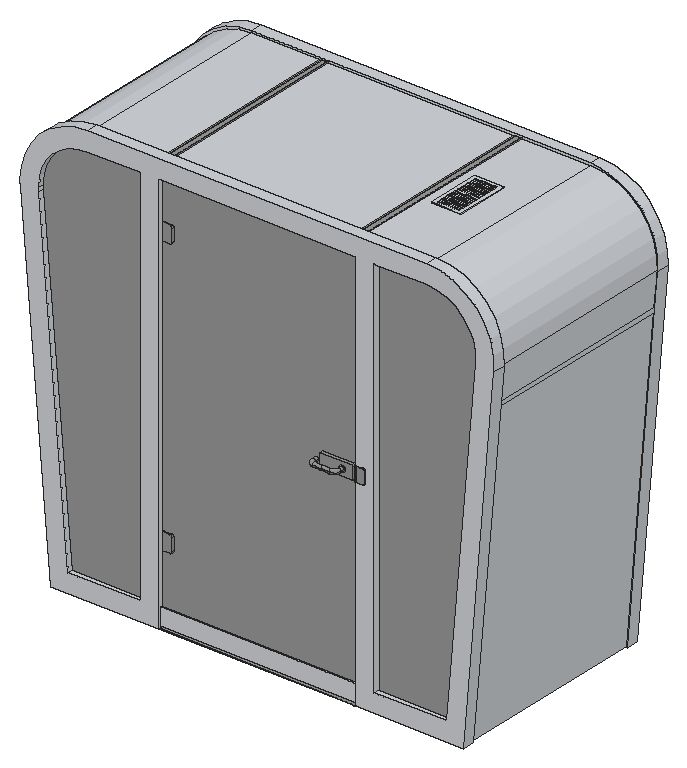
Revit family "Retreat 2.1 - Glass Back", category Generic Models, host Floor, Revit 2020 (continued)
Forms (mm)
  Extrusion 21, solid, material "Stainless Steel, Brushed"
    sketch origin (-360.133, -562.062, 13.524) x (1, 0, 0) y (0, 0, 1)
      loop
        arc (-134.017, 435.453) -> (-135.431, 434.867) -> (-136.017, 433.453) r 2
        line (-136.017, 433.453) -> (-136.017, 351.453)
        arc (-136.017, 351.453) -> (-135.431, 350.039) -> (-134.017, 349.453) r 2
        line (-134.017, 349.453) -> (-98.767, 349.453)
        arc (-98.767, 349.453) -> (-91.696, 352.382) -> (-88.767, 359.453) r 10
        line (-88.767, 359.453) -> (-88.767, 425.453)
        arc (-88.767, 425.453) -> (-91.696, 432.524) -> (-98.767, 435.453) r 10
      loop
        line (-98.767, 1870.453) -> (-134.017, 1870.453)
        arc (-134.017, 1870.453) -> (-135.431, 1869.867) -> (-136.017, 1868.453) r 2
        line (-136.017, 1868.453) -> (-136.017, 1786.453)
        arc (-136.017, 1786.453) -> (-135.431, 1785.039) -> (-134.017, 1784.453) r 2
        line (-134.017, 1784.453) -> (-98.767, 1784.453)
        arc (-98.767, 1784.453) -> (-91.696, 1787.382) -> (-88.767, 1794.453) r 10
        line (-88.767, 1794.453) -> (-88.767, 1860.453)
        arc (-88.767, 1860.453) -> (-91.696, 1867.524) -> (-98.767, 1870.453) r 10
    from -20.562 to -13.062
  Extrusion 22, solid, material "Stainless Steel, Brushed"
    sketch origin (-360.133, -562.062, 13.524) x (1, 0, 0) y (0, 0, 1)
      loop
        line (-131.767, 1868.453) -> (-131.767, 1786.453)
        arc (-131.767, 1786.453) -> (-131.181, 1785.039) -> (-129.767, 1784.453) r 2
        line (-129.767, 1784.453) -> (-98.767, 1784.453)
        arc (-98.767, 1784.453) -> (-91.696, 1787.382) -> (-88.767, 1794.453) r 10
        line (-88.767, 1794.453) -> (-88.767, 1860.453)
        arc (-88.767, 1860.453) -> (-91.696, 1867.524) -> (-98.767, 1870.453) r 10
        line (-98.767, 1870.453) -> (-129.767, 1870.453)
        arc (-129.767, 1870.453) -> (-131.181, 1869.867) -> (-131.767, 1868.453) r 2
      loop
        line (-98.767, 435.453) -> (-129.767, 435.453)
        arc (-129.767, 435.453) -> (-131.181, 434.867) -> (-131.767, 433.453) r 2
        line (-131.767, 433.453) -> (-131.767, 351.453)
        arc (-131.767, 351.453) -> (-131.181, 350.039) -> (-129.767, 349.453) r 2
        line (-129.767, 349.453) -> (-98.767, 349.453)
        arc (-98.767, 349.453) -> (-91.696, 352.382) -> (-88.767, 359.453) r 10
        line (-88.767, 359.453) -> (-88.767, 425.453)
        arc (-88.767, 425.453) -> (-91.696, 432.524) -> (-98.767, 435.453) r 10
    from -36.062 to -28.562
  Extrusion 23, solid, material "Stainless Steel, Brushed"
    sketch origin (-170.784, 0, 13.524) x (1, 0, 0) y (0, 0, 1)
      loop
        line (493.614, 1094.953) -> (493.614, 1031.953)
        arc (493.614, 1031.953) -> (494.2, 1030.539) -> (495.614, 1029.953) r 2
        line (495.614, 1029.953) -> (663.284, 1029.953)
        arc (663.284, 1029.953) -> (664.698, 1030.539) -> (665.284, 1031.953) r 2
        line (665.284, 1031.953) -> (665.284, 1094.778)
        arc (665.284, 1094.778) -> (664.766, 1096.304) -> (663.291, 1096.953) r 2
        line (663.291, 1096.953) -> (495.614, 1096.953)
        arc (495.614, 1096.953) -> (494.2, 1096.367) -> (493.614, 1094.953) r 2
    from 541.5 to 562.5
  Extrusion 24, solid, material "Stainless Steel, Brushed"
    sketch origin (-169.893, -560.5, 13.524) x (1, 0, 0) y (0, 0, 1)
      loop
        arc (635.614, 1092.453) -> (634.296, 1095.635) -> (631.114, 1096.953) r 4.5
        line (631.114, 1096.953) -> (497.223, 1096.953)
        arc (497.223, 1096.953) -> (494.041, 1095.635) -> (492.723, 1092.453) r 4.5
        line (492.723, 1092.453) -> (492.723, 1034.453)
        arc (492.723, 1034.453) -> (494.041, 1031.271) -> (497.223, 1029.953) r 4.5
        line (497.223, 1029.953) -> (631.114, 1029.953)
        arc (631.114, 1029.953) -> (634.296, 1031.271) -> (635.614, 1034.453) r 4.5
        line (635.614, 1034.453) -> (635.614, 1092.453)
    from -36 to -27
  Extrusion 25, solid, material "Stainless Steel, Brushed"
    sketch origin (-165.822, -562.5, 13.524) x (1, 0, 0) y (0, 0, 1)
      loop
        circle (607.064, 1063.453) r 14.5
    from 0 to 3
  Extrusion 26, solid, material "Stainless Steel, Brushed"
    sketch origin (-165.822, -524.5, 13.524) x (1, 0, 0) y (0, 0, -1)
      loop
        circle (607.064, -1063.453) r 14.5
    from 0 to 3
  Sweep 27, solid, material "Stainless Steel, Brushed"
    path origin (-60.147, 0, 0) x (1, 0, 0) y (0, 1, 0)
      loop
        line (381.507, -567.5) -> (381.507, -585.564)
        arc (381.507, -585.564) -> (384.944, -593.861) -> (393.24, -597.297) r 11.733
        line (393.24, -597.297) -> (436.507, -597.297) -> (479.774, -597.297)
        arc (479.774, -597.297) -> (488.071, -593.861) -> (491.507, -585.564) r 11.733
        line (491.507, -585.564) -> (491.507, -565.5)
    profile origin (321.36, -576.532, 0) x (1, 0, 0) y (0, 0, 1)
      loop
        circle (-10, 1077.351) r 10
  Sweep 28, solid, material "Stainless Steel, Brushed"
    path origin (-60.147, -1075, 0) x (1, 0, 0) y (0, -1, 0)
      loop
        line (381.507, -567.5) -> (381.507, -585.564)
        arc (381.507, -585.564) -> (384.944, -593.861) -> (393.24, -597.297) r 11.733
        line (393.24, -597.297) -> (436.507, -597.297) -> (479.774, -597.297)
        arc (479.774, -597.297) -> (488.071, -593.861) -> (491.507, -585.564) r 11.733
        line (491.507, -585.564) -> (491.507, -565.5)
    profile origin (321.36, -498.468, 0) x (-1, 0, 0) y (0, 0, 1)
      loop
        circle (10, 1077.351) r 10
  Extrusion 29, solid, material "Stainless Steel, Brushed"
    sketch origin (-165.704, -562.5, 1090.874) x (1, 0, 0) y (0, 0, 1)
      loop
        circle (607.064, -13.524) r 10
    from -53 to -41
  Extrusion 30, solid, material "Stainless Steel, Brushed"
    sketch origin (0, 0, 0) x (1, 0, 0) y (0, 0, 1)
      loop
        line (-510, 0) -> (510, 0) -> (510, 2) -> (-510, 2) -> (-510, 0)
    from 500 to 560
  Extrusion 31, solid, material "Stainless Steel, Brushed"
    sketch origin (0.214, 530.022, 0) x (1, 0, 0) y (0, 0, 1)
      loop
        line (508, 1114.476) -> (508, 1039.476) -> (547, 1039.476)
        arc (547, 1039.476) -> (554.071, 1042.405) -> (557, 1049.476) r 10
        line (557, 1049.476) -> (557, 1104.476)
        arc (557, 1104.476) -> (554.071, 1111.547) -> (547, 1114.476) r 10
        line (547, 1114.476) -> (508, 1114.476)
    from 1066.5 to 1092.5
  Extrusion 32, void
    sketch origin (0.214, 567.913, 0) x (1, 0, 0) y (0, 1, 0)
      loop
        line (557, -1101.429) -> (509.772, -1101.429) -> (509.772, -1127.891) -> (557, -1127.891) -> (557, -1101.429)
    from 1039.476 to 1114.476
Cuts and joins
  joined: Extrusion 5, Extrusion 6
  Extrusion 32 cuts Extrusion 31
  joined: Extrusion 24, Extrusion 26, Sweep 28, Extrusion 29
  joined: Extrusion 23, Extrusion 25, Sweep 27
Lines and regions (mm)
  model lines
    curve 1: line (2000, 526, 0) -> (2000, 534, 0)
    curve 2: line (1730, 534, 0) -> (1730, 526, 0)
    curve 3: line (2000, -534, 0) -> (2000, -526, 0)
Dimensions and locks
  aligned and locked: level to plane 2
